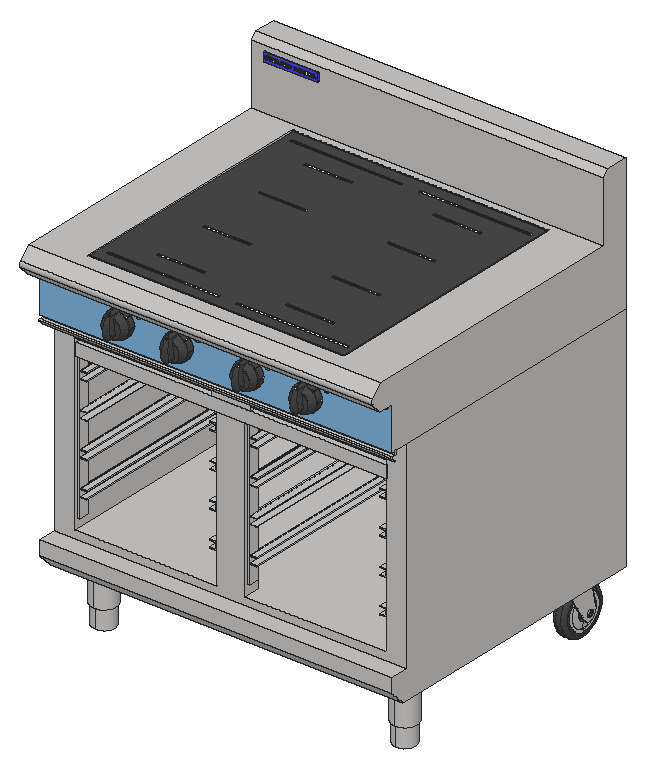
Revit family "QF_Moffat_IN514F-CB_Induction_Cooktop_cat", category Specialty Equipment, Revit 2019
Family settings
  Round Connector Dimension = Use Diameter
  Part Type = Normal
  Work Plane-Based = No
  Always vertical = Yes
  Cut with Voids When Loaded = No
  Shared = No
  Room Calculation Point = No
Parameters (values of type "IN514F-CB")
  Weight in Kilograms = 105
  Watts = 11620 W
  Volts = 415 V
  URL Cutsheet = ""
  Specification by User = ""
  Specification by Manufacturer = ""
  Show Logo [instance] = yes
  Show Legs [instance] = not(Show Castors)  # no
  Show Castors [instance] = yes
  Serial Number = ""
  Seismic Rating = ""
  SMACNA No = ""
  Revision Code = ""
  Phase = 3
  Number of Poles = 1
  NAFEM Spec ID Number = ""
  Model = "IN514F-CB"
  Min Ckt Ampacity = 0 A
  Max Overcurrent Protection = 0 A
  Masterspec = ""
  Manufacturer = "Moffat"
  Length = 900 mm
  Item Number = ""
  Installed By = ""
  Identify Quantity as Lot = yes
  Height = 1085 mm
  HP = ""
  Furnished By = ""
  Foodservice Equipment Identifier = yes
  FL Amps = 28 A
  Electrical Remarks = ""
  Electric Connection Type = ""
  Elec Conn RI Height = 0 mm
  Elec Conn Connection Height = 0 mm
  Description = "Induction Cooktop"
  Depth = 812.2 mm
  Cycle = 60 Hz
  Conn Plug = ""
  Conn Conduit = yes
  CSI MasterFormat = ""
  Apparent Power = if(Phase = 3, Volts * FL Amps * 1.73, Volts * FL Amps)  # 20102.6 VA
Reference planes
  plane 1 "BACK": y = 0
  plane 2: z = 0
  plane 3 "LEFT": x = 0
  plane 4 "RIGHT": x = 900
  plane 5 "FRONT": y = -812.2
  plane 6 "TOP": z = 1085
  plane 7 "Center Y": x = 450
  plane 8 "Center X": y = -406.1
  plane 9: x = 65.5
  plane 10: x = 834.5
  plane 11: y = -30
  plane 12: x = 770
  plane 13: z = 635
  plane 14: y = -100
  plane 15: y = -625
  plane 16: z = 150
Forms (mm)
  Extrusion 1, solid, material "QF_Metal_Stainless_Polished"
    sketch origin (0, 0, 560) x (0, 1, 0) y (0, 0, 1)
      loop
        line (0, 180) -> (0, 525) -> (-57, 525) -> (-70, 512) -> (-70, 354.5) -> (-784.171, 354.5) -> (-808.685, 329.985)
        arc (-808.685, 329.985) -> (-812.2, 321.5) -> (-808.685, 313.015) r 12
        line (-808.685, 313.015) -> (-785.171, 289.5) -> (-749, 289.5) -> (-749, 180) -> (0, 180)
    from 0 to 900
  Extrusion 2, void
    sketch origin (0, -784.171, 914.5) x (0, 1, 0) y (-1, 0, 0)
      loop
        arc (44.671, -118.5) -> (40.428, -120.257) -> (38.671, -124.5) r 6
        line (38.671, -124.5) -> (38.671, -770.5)
        arc (38.671, -770.5) -> (40.428, -774.743) -> (44.671, -776.5) r 6
        line (44.671, -776.5) -> (690.671, -776.5)
        arc (690.671, -776.5) -> (694.913, -774.743) -> (696.671, -770.5) r 6
        line (696.671, -770.5) -> (696.671, -124.5)
        arc (696.671, -124.5) -> (694.913, -120.257) -> (690.671, -118.5) r 6
        line (690.671, -118.5) -> (44.671, -118.5)
    from 0 to -9.5
  Extrusion 3, solid, material "QF_Plastic_White_Smooth"
    sketch origin (0, -784.171, 905) x (0, 1, 0) y (-1, 0, 0)
      loop
        line (657.271, -427.5) -> (663.271, -427.5) -> (663.271, -142.5) -> (657.271, -142.5) -> (657.271, -427.5)
      loop
        line (605.671, -225) -> (599.671, -225) -> (599.671, -345) -> (605.671, -345) -> (605.671, -225)
      loop
        line (459.171, -225) -> (453.171, -225) -> (453.171, -345) -> (459.171, -345) -> (459.171, -225)
      loop
        line (282.171, -225) -> (276.171, -225) -> (276.171, -345) -> (282.171, -345) -> (282.171, -225)
      loop
        line (135.671, -225) -> (129.671, -225) -> (129.671, -345) -> (135.671, -345) -> (135.671, -225)
      loop
        line (72.071, -142.5) -> (72.071, -427.5) -> (78.071, -427.5) -> (78.071, -142.5) -> (72.071, -142.5)
      loop
        line (72.071, -472.5) -> (72.071, -757.5) -> (78.071, -757.5) -> (78.071, -472.5) -> (72.071, -472.5)
      loop
        line (129.671, -675) -> (135.671, -675) -> (135.671, -555) -> (129.671, -555) -> (129.671, -675)
      loop
        line (276.171, -675) -> (282.171, -675) -> (282.171, -555) -> (276.171, -555) -> (276.171, -675)
      loop
        line (453.171, -675) -> (459.171, -675) -> (459.171, -555) -> (453.171, -555) -> (453.171, -675)
      loop
        line (599.671, -675) -> (605.671, -675) -> (605.671, -555) -> (599.671, -555) -> (599.671, -675)
      loop
        line (657.271, -757.5) -> (663.271, -757.5) -> (663.271, -472.5) -> (657.271, -472.5) -> (657.271, -757.5)
    from 0 to 9.5
  Extrusion 4, solid, material "QF_Plastic_Black_Smooth"
    sketch origin (0, -784.171, 914.5) x (0, 1, 0) y (-1, 0, 0)
      loop
        line (690.671, -122.5) -> (44.671, -122.5)
        arc (44.671, -122.5) -> (43.256, -123.086) -> (42.671, -124.5) r 2
        line (42.671, -124.5) -> (42.671, -770.5)
        arc (42.671, -770.5) -> (43.256, -771.914) -> (44.671, -772.5) r 2
        line (44.671, -772.5) -> (690.671, -772.5)
        arc (690.671, -772.5) -> (692.085, -771.914) -> (692.671, -770.5) r 2
        line (692.671, -770.5) -> (692.671, -124.5)
        arc (692.671, -124.5) -> (692.085, -123.086) -> (690.671, -122.5) r 2
      loop
        line (663.271, -142.5) -> (657.271, -142.5) -> (657.271, -427.5) -> (663.271, -427.5) -> (663.271, -142.5)
      loop
        line (605.671, -225) -> (599.671, -225) -> (599.671, -345) -> (605.671, -345) -> (605.671, -225)
      loop
        line (657.271, -472.5) -> (657.271, -757.5) -> (663.271, -757.5) -> (663.271, -472.5) -> (657.271, -472.5)
      loop
        line (599.671, -555) -> (599.671, -675) -> (605.671, -675) -> (605.671, -555) -> (599.671, -555)
      loop
        line (453.171, -675) -> (459.171, -675) -> (459.171, -555) -> (453.171, -555) -> (453.171, -675)
      loop
        line (453.171, -225) -> (453.171, -345) -> (459.171, -345) -> (459.171, -225) -> (453.171, -225)
      loop
        line (282.171, -345) -> (282.171, -225) -> (276.171, -225) -> (276.171, -345) -> (282.171, -345)
      loop
        line (276.171, -675) -> (282.171, -675) -> (282.171, -555) -> (276.171, -555) -> (276.171, -675)
      loop
        line (129.671, -225) -> (129.671, -345) -> (135.671, -345) -> (135.671, -225) -> (129.671, -225)
      loop
        line (78.071, -427.5) -> (78.071, -142.5) -> (72.071, -142.5) -> (72.071, -427.5) -> (78.071, -427.5)
      loop
        line (72.071, -472.5) -> (72.071, -757.5) -> (78.071, -757.5) -> (78.071, -472.5) -> (72.071, -472.5)
      loop
        line (135.671, -555) -> (129.671, -555) -> (129.671, -675) -> (135.671, -675) -> (135.671, -555)
    from 0 to -9.5
  Extrusion 5, solid, material "QF_Metal_Stainless_Polished"
    sketch origin (0, 0, 600) x (0, 1, 0) y (0, 0, 1)
      loop
        line (-737.8, 140) -> (-737.8, 130) -> (-747.305, 130)
        arc (-747.305, 130) -> (-750.276, 128.015) -> (-749.579, 124.511) r 3.215
        line (-749.579, 124.511) -> (-739.05, 113.982) -> (-737.919, 115.113) -> (-748.447, 125.642)
        arc (-748.447, 125.642) -> (-748.797, 127.403) -> (-747.305, 128.4) r 1.615
        line (-747.305, 128.4) -> (-736.2, 128.4) -> (-736.2, 140) -> (-737.8, 140)
    from 0 to 900
  Extrusion 6, solid, material "QF_Plastic_Black_Smooth"
    sketch origin (0, -749, 741.875) x (0, 0, 1) y (-1, 0, 0)
      loop
        circle (99.343, -13.157) r 5
      loop
        circle (99.343, -886.843) r 5
      loop
        circle (99.343, -210) r 5
      loop
        circle (99.343, -360) r 5
      loop
        circle (99.343, -540) r 5
      loop
        circle (99.343, -690) r 5
    from 0 to 1.6
  Extrusion 7, solid, material "QF_Metal_Stainless_Polished"
    sketch origin (0, -699, 640) x (0, 1, 0) y (1, 0, 0)
      loop
        circle (669, 770) r 6.35
    from 0 to 1.6
  Extrusion 8, solid, material "QF_Metal_Stainless_Polished"
    sketch origin (0, -699, 645) x (1, 0, 0) y (0, -1, 0)
      loop
        line (0, -699) -> (900, -699) -> (900, 0) -> (849.2, 0) -> (849.2, -25.4) -> (50.8, -25.4) -> (50.8, 0) -> (0, 0) -> (0, -699)
    from 5 to -95
  Revolve 9, solid, material "QF_Metal_Stainless_Polished"
    sketch origin (65.5, -4572, 255.2) x (0, 0, -1) y (0, -1, 0)
      loop
        line (255.2, -3974.5) -> (255.2, -3947) -> (105.2, -3947) -> (105.2, -3978.75) -> (205.2, -3978.75) -> (205.2, -3974.5) -> (255.2, -3974.5)
      axis (105.2, -3947) -> (255.2, -3947)
    angle from 0 to 360
  Revolve 10, solid, material "QF_Metal_Stainless_Polished"
    sketch origin (834.5, -4572, 255.2) x (0, 0, -1) y (0, 1, 0)
      loop
        line (255.2, 3974.5) -> (205.2, 3974.5) -> (205.2, 3978.75) -> (105.2, 3978.75) -> (105.2, 3947) -> (255.2, 3947) -> (255.2, 3974.5)
      axis (105.2, 3947) -> (255.2, 3947)
    angle from 0 to 360
  Extrusion 11, solid, material "QF_Metal_Stainless_Polished"
    sketch origin (0, 0, 0) x (0, 1, 0) y (0, 0, 1)
      loop
        line (-50.8, 150) -> (-50.8, 242.5) -> (-699, 242.5) -> (-699, 222.5) -> (-747.95, 222.5) -> (-747.95, 186) -> (-711.95, 150) -> (-50.8, 150)
    from 0 to 900
  Extrusion 12, solid, material "QF_Metal_Stainless_Polished"
    sketch origin (-6096, 120, 150) x (0, 1, 0) y (-1, 0, 0)
      loop
        line (-120, -6096) -> (-819, -6096) -> (-819, -6146.8) -> (-170.8, -6146.8) -> (-170.8, -6510.5) -> (-196.2, -6510.5) -> (-196.2, -6581.5) -> (-170.8, -6581.5) -> (-170.8, -6945.2) -> (-819, -6945.2) -> (-819, -6996) -> (-120, -6996) -> (-120, -6096)
      loop
        line (-778.9, -6510.5) -> (-819, -6510.5) -> (-819, -6581.5) -> (-778.9, -6581.5) -> (-778.9, -6510.5)
    from 0 to 490
  Extrusion 13, solid, material "QF_Metal_Stainless_Polished"
    sketch origin (50.8, -50.8, 460) x (0, 0, 1) y (1, 0, 0)
      loop
        line (127.5, 25.4) -> (127.5, 6.4) -> (147.5, 6.4) -> (147.5, 25.4) -> (145.9, 25.4) -> (145.9, 8) -> (129.1, 8) -> (129.1, 25.4) -> (127.5, 25.4)
      loop
        line (37.5, 25.4) -> (37.5, 6.4) -> (57.5, 6.4) -> (57.5, 25.4) -> (55.9, 25.4) -> (55.9, 8) -> (39.1, 8) -> (39.1, 25.4) -> (37.5, 25.4)
      loop
        line (-52.5, 25.4) -> (-52.5, 6.4) -> (-32.5, 6.4) -> (-32.5, 25.4) -> (-34.1, 25.4) -> (-34.1, 8) -> (-50.9, 8) -> (-50.9, 25.4) -> (-52.5, 25.4)
      loop
        line (-142.5, 25.4) -> (-142.5, 6.4) -> (-122.5, 6.4) -> (-122.5, 25.4) -> (-124.1, 25.4) -> (-124.1, 8) -> (-140.9, 8) -> (-140.9, 25.4) -> (-142.5, 25.4)
    from 0 to -641.85
  Extrusion 14, solid, material "QF_Metal_Stainless_Polished"
    sketch origin (50.8, 44.437, 150) x (0, 1, 0) y (0, 0, 1)
      loop
        line (-95.237, 488.4) -> (-120.637, 488.4) -> (-120.637, 117.5) -> (-95.237, 117.5) -> (-95.237, 488.4)
      loop
        line (-709.687, 117.5) -> (-709.687, 490) -> (-737.087, 490) -> (-737.087, 117.5) -> (-709.687, 117.5)
    from 0 to 6.4
  Extrusion 15, solid, material "QF_Metal_Stainless_Polished"
    sketch origin (66.1, -50.8, 460) x (0, 0, 1) y (1, 0, 0)
      loop
        line (127.5, 323) -> (129.1, 323) -> (129.1, 340.4) -> (145.9, 340.4) -> (145.9, 323) -> (147.5, 323) -> (147.5, 342) -> (127.5, 342) -> (127.5, 323)
      loop
        line (37.5, 323) -> (39.1, 323) -> (39.1, 340.4) -> (55.9, 340.4) -> (55.9, 323) -> (57.5, 323) -> (57.5, 342) -> (37.5, 342) -> (37.5, 323)
      loop
        line (-52.5, 323) -> (-50.9, 323) -> (-50.9, 340.4) -> (-34.1, 340.4) -> (-34.1, 323) -> (-32.5, 323) -> (-32.5, 342) -> (-52.5, 342) -> (-52.5, 323)
      loop
        line (-142.5, 323) -> (-140.9, 323) -> (-140.9, 340.4) -> (-124.1, 340.4) -> (-124.1, 323) -> (-122.5, 323) -> (-122.5, 342) -> (-142.5, 342) -> (-142.5, 323)
    from 0 to -641.85
  Extrusion 16, solid, material "QF_Metal_Stainless_Polished"
    sketch origin (414.5, 44.437, 150) x (0, 1, 0) y (0, 0, -1)
      loop
        line (-95.237, -488.4) -> (-95.237, -117.5) -> (-120.637, -117.5) -> (-120.637, -488.4) -> (-95.237, -488.4)
      loop
        line (-709.687, -117.5) -> (-737.087, -117.5) -> (-737.087, -490) -> (-709.687, -490) -> (-709.687, -117.5)
    from 0 to 6.4
  Revolve 17, solid, material "QF_Metal_Stainless_Polished", visible <- "Show Legs"
    sketch origin (65.5, -4047, 255.2) x (0, 0, -1) y (0, -1, 0)
      loop
        line (255.2, -3974.5) -> (255.2, -3947) -> (105.2, -3947) -> (105.2, -3978.75) -> (205.2, -3978.75) -> (205.2, -3974.5) -> (255.2, -3974.5)
      axis (105.2, -3947) -> (255.2, -3947)
    angle from 0 to 360
  Revolve 18, solid, material "QF_Metal_Stainless_Polished", visible <- "Show Legs"
    sketch origin (834.5, -4047, 255.2) x (0, 0, -1) y (0, 1, 0)
      loop
        line (255.2, 3974.5) -> (205.2, 3974.5) -> (205.2, 3978.75) -> (105.2, 3978.75) -> (105.2, 3947) -> (255.2, 3947) -> (255.2, 3974.5)
      axis (105.2, 3947) -> (255.2, 3947)
    angle from 0 to 360
  Extrusion 19, solid, material "QF_Paint_Green"
    sketch origin (-27.5, -749, 742.2) x (0, 0, 1) y (-1, 0, 0)
      loop
        circle (84.8, -282.5) r 7.15
    from 0 to 1.6
  Extrusion 20, solid, material "QF_Metal_Stainless_Polished"
    sketch origin (849.2, -673.6, 645) x (-1, 0, 0) y (0, 0, -1)
      loop
        line (0, -27.7) -> (798.4, -27.7) -> (798.4, 5) -> (0, 5) -> (0, -27.7)
      loop
        line (450, -61.4) -> (798.4, -61.4) -> (798.4, -37.7) -> (450, -37.7) -> (450, -61.4)
      loop
        line (798.4, -62.4) -> (0, -62.4) -> (0, -95) -> (798.4, -95) -> (798.4, -62.4)
      loop
        line (348.4, -61.4) -> (348.4, -37.7) -> (0, -37.7) -> (0, -61.4) -> (348.4, -61.4)
    from 0 to 25.4
  Extrusion 21, solid, material "QF_Metal_Stainless_Polished"
    sketch origin (849.2, -673.6, 645) x (1, 0, 0) y (0, 0, -1)
      loop
        line (-348.4, -62.4) -> (-348.4, -27.7) -> (-450, -27.7) -> (-450, -62.4) -> (-348.4, -62.4)
    from 0 to -25.4
  Extrusion 22, solid, material "QF_Metal_Stainless_Polished"
    sketch origin (833.9, -50.8, 460) x (0, 0, 1) y (1, 0, 0)
      loop
        line (127.5, -323) -> (127.5, -342) -> (147.5, -342) -> (147.5, -323) -> (145.9, -323) -> (145.9, -340.4) -> (129.1, -340.4) -> (129.1, -323) -> (127.5, -323)
      loop
        line (37.5, -323) -> (37.5, -342) -> (57.5, -342) -> (57.5, -323) -> (55.9, -323) -> (55.9, -340.4) -> (39.1, -340.4) -> (39.1, -323) -> (37.5, -323)
      loop
        line (-52.5, -323) -> (-52.5, -342) -> (-32.5, -342) -> (-32.5, -323) -> (-34.1, -323) -> (-34.1, -340.4) -> (-50.9, -340.4) -> (-50.9, -323) -> (-52.5, -323)
      loop
        line (-142.5, -323) -> (-142.5, -342) -> (-122.5, -342) -> (-122.5, -323) -> (-124.1, -323) -> (-124.1, -340.4) -> (-140.9, -340.4) -> (-140.9, -323) -> (-142.5, -323)
    from 0 to -641.85
  Extrusion 23, solid, material "QF_Metal_Stainless_Polished"
    sketch origin (485.5, 44.437, 150) x (0, 1, 0) y (0, 0, 1)
      loop
        line (-95.237, 488.4) -> (-120.637, 488.4) -> (-120.637, 117.5) -> (-95.237, 117.5) -> (-95.237, 488.4)
      loop
        line (-709.687, 117.5) -> (-709.687, 490) -> (-737.087, 490) -> (-737.087, 117.5) -> (-709.687, 117.5)
    from 0 to 6.4
  Extrusion 24, solid, material "QF_Metal_Stainless_Polished"
    sketch origin (849.2, -50.8, 460) x (0, 0, 1) y (1, 0, 0)
      loop
        line (127.5, -25.4) -> (129.1, -25.4) -> (129.1, -8) -> (145.9, -8) -> (145.9, -25.4) -> (147.5, -25.4) -> (147.5, -6.4) -> (127.5, -6.4) -> (127.5, -25.4)
      loop
        line (37.5, -25.4) -> (39.1, -25.4) -> (39.1, -8) -> (55.9, -8) -> (55.9, -25.4) -> (57.5, -25.4) -> (57.5, -6.4) -> (37.5, -6.4) -> (37.5, -25.4)
      loop
        line (-52.5, -25.4) -> (-50.9, -25.4) -> (-50.9, -8) -> (-34.1, -8) -> (-34.1, -25.4) -> (-32.5, -25.4) -> (-32.5, -6.4) -> (-52.5, -6.4) -> (-52.5, -25.4)
      loop
        line (-142.5, -25.4) -> (-140.9, -25.4) -> (-140.9, -8) -> (-124.1, -8) -> (-124.1, -25.4) -> (-122.5, -25.4) -> (-122.5, -6.4) -> (-142.5, -6.4) -> (-142.5, -25.4)
    from 0 to -641.85
  Extrusion 25, solid, material "QF_Metal_Stainless_Polished"
    sketch origin (849.2, 44.437, 150) x (0, 1, 0) y (0, 0, -1)
      loop
        line (-95.237, -488.4) -> (-95.237, -117.5) -> (-120.637, -117.5) -> (-120.637, -488.4) -> (-95.237, -488.4)
      loop
        line (-709.687, -117.5) -> (-737.087, -117.5) -> (-737.087, -490) -> (-709.687, -490) -> (-709.687, -117.5)
    from 0 to 6.4
  Extrusion 26, solid, material "QF_Paint_Green"
    sketch origin (122.5, -749, 742.2) x (0, 0, 1) y (-1, 0, 0)
      loop
        circle (84.8, -282.5) r 7.15
    from 0 to 1.6
  Extrusion 27, solid, material "QF_Paint_Green"
    sketch origin (302.5, -749, 742.2) x (0, 0, 1) y (-1, 0, 0)
      loop
        circle (84.8, -282.5) r 7.15
    from 0 to 1.6
  Extrusion 28, solid, material "QF_Paint_Green"
    sketch origin (452.5, -749, 742.2) x (0, 0, 1) y (-1, 0, 0)
      loop
        circle (84.8, -282.5) r 7.15
    from 0 to 1.6
Cuts and joins
  Extrusion 2 cuts Extrusion 1
  joined: Revolve 9, Revolve 10
  joined: Extrusion 8, Extrusion 11, Extrusion 12
Lines and regions (mm)
  symbolic lines
    curve 1: line (0, 0, 0) -> (900, 0, 0)
    curve 2: line (0, -812.2, 0) -> (0, 0, 0)
    curve 3: line (900, -812.2, 0) -> (0, -812.2, 0)
    curve 4: line (900, 0, 0) -> (900, -812.2, 0)
    curve 5: line (0, -57, 0) -> (900, -57, 0)
    curve 6: line (0, -70, 0) -> (900, -70, 0)
    curve 7: line (124.5, -87.5, 0) -> (770.5, -87.5, 0)
    curve 8: arc (770.5, -87.5, 0) -> (774.743, -89.257, 0) -> (776.5, -93.5, 0) r 6
    curve 9: line (776.5, -93.5, 0) -> (776.5, -739.5, 0)
    curve 10: arc (776.5, -739.5, 0) -> (774.743, -743.743, 0) -> (770.5, -745.5, 0) r 6
    curve 11: line (770.5, -745.5, 0) -> (124.5, -745.5, 0)
    curve 12: arc (124.5, -745.5, 0) -> (120.257, -743.743, 0) -> (118.5, -739.5, 0) r 6
    curve 13: line (118.5, -739.5, 0) -> (118.5, -93.5, 0)
    curve 14: arc (118.5, -93.5, 0) -> (120.257, -89.257, 0) -> (124.5, -87.5, 0) r 6
    curve 15: line (770.5, -91.5, 0) -> (124.5, -91.5, 0)
    curve 16: arc (124.5, -91.5, 0) -> (123.086, -92.086, 0) -> (122.5, -93.5, 0) r 2
    curve 17: line (122.5, -93.5, 0) -> (122.5, -739.5, 0)
    curve 18: arc (122.5, -739.5, 0) -> (123.086, -740.914, 0) -> (124.5, -741.5, 0) r 2
    curve 19: line (124.5, -741.5, 0) -> (770.5, -741.5, 0)
    curve 20: arc (770.5, -741.5, 0) -> (771.914, -740.914, 0) -> (772.5, -739.5, 0) r 2
    curve 21: line (772.5, -739.5, 0) -> (772.5, -93.5, 0)
    curve 22: arc (772.5, -93.5, 0) -> (771.914, -92.086, 0) -> (770.5, -91.5, 0) r 2
    curve 23: line (427.5, -126.9, 0) -> (142.5, -126.9, 0)
    curve 24: line (142.5, -126.9, 0) -> (142.5, -120.9, 0)
    curve 25: line (142.5, -120.9, 0) -> (427.5, -120.9, 0)
    curve 26: line (427.5, -120.9, 0) -> (427.5, -126.9, 0)
    curve 27: line (345, -184.5, 0) -> (225, -184.5, 0)
    curve 28: line (225, -184.5, 0) -> (225, -178.5, 0)
    curve 29: line (225, -178.5, 0) -> (345, -178.5, 0)
    curve 30: line (345, -178.5, 0) -> (345, -184.5, 0)
    curve 31: line (345, -331, 0) -> (225, -331, 0)
    curve 32: line (225, -331, 0) -> (225, -325, 0)
    curve 33: line (225, -325, 0) -> (345, -325, 0)
    curve 34: line (345, -325, 0) -> (345, -331, 0)
    curve 35: line (345, -508, 0) -> (225, -508, 0)
    curve 36: line (225, -508, 0) -> (225, -502, 0)
    curve 37: line (225, -502, 0) -> (345, -502, 0)
    curve 38: line (345, -502, 0) -> (345, -508, 0)
    curve 39: line (345, -654.5, 0) -> (225, -654.5, 0)
    curve 40: line (225, -654.5, 0) -> (225, -648.5, 0)
    curve 41: line (225, -648.5, 0) -> (345, -648.5, 0)
    curve 42: line (345, -648.5, 0) -> (345, -654.5, 0)
    curve 43: line (142.5, -706.1, 0) -> (427.5, -706.1, 0)
    curve 44: line (427.5, -706.1, 0) -> (427.5, -712.1, 0)
    curve 45: line (427.5, -712.1, 0) -> (142.5, -712.1, 0)
    curve 46: line (142.5, -712.1, 0) -> (142.5, -706.1, 0)
    curve 47: line (472.5, -706.1, 0) -> (757.5, -706.1, 0)
    curve 48: line (757.5, -706.1, 0) -> (757.5, -712.1, 0)
    curve 49: line (757.5, -712.1, 0) -> (472.5, -712.1, 0)
    curve 50: line (472.5, -712.1, 0) -> (472.5, -706.1, 0)
    curve 51: line (675, -654.5, 0) -> (555, -654.5, 0)
    curve 52: line (555, -648.5, 0) -> (675, -648.5, 0)
    curve 53: line (675, -648.5, 0) -> (675, -654.5, 0)
    curve 54: line (555, -654.5, 0) -> (555, -648.5, 0)
    curve 55: line (675, -508, 0) -> (555, -508, 0)
    curve 56: line (555, -508, 0) -> (555, -502, 0)
    curve 57: line (555, -502, 0) -> (675, -502, 0)
    curve 58: line (675, -502, 0) -> (675, -508, 0)
    curve 59: line (555, -325, 0) -> (675, -325, 0)
    curve 60: line (675, -325, 0) -> (675, -331, 0)
    curve 61: line (675, -331, 0) -> (555, -331, 0)
    curve 62: line (555, -331, 0) -> (555, -325, 0)
    curve 63: line (555, -178.5, 0) -> (675, -178.5, 0)
    curve 64: line (675, -178.5, 0) -> (675, -184.5, 0)
    curve 65: line (675, -184.5, 0) -> (555, -184.5, 0)
    curve 66: line (555, -184.5, 0) -> (555, -178.5, 0)
    curve 67: line (757.5, -126.9, 0) -> (472.5, -126.9, 0)
    curve 68: line (472.5, -126.9, 0) -> (472.5, -120.9, 0)
    curve 69: line (472.5, -120.9, 0) -> (757.5, -120.9, 0)
    curve 70: line (757.5, -120.9, 0) -> (757.5, -126.9, 0)
    curve 71: line (0, -784.171, 0) -> (900, -784.171, 0)
Dimensions and locks
  equal spacing: plane 3 "LEFT", plane 7 "Center Y", plane 4 "RIGHT"
  "Length": plane 3 "LEFT" to plane 4 "RIGHT"
  equal spacing: plane 5 "FRONT", plane 8 "Center X", plane 1 "BACK"
  "Depth": plane 5 "FRONT" to plane 1 "BACK"
  "Height": plane 6 "TOP" to level
  plane 9 to plane 10 = 769 mm
  plane 4 "RIGHT" to plane 3 "LEFT" = 900 mm
  plane 1 "BACK" to cut or joined group of Extrusion 1, Extrusion 2 = 70 mm
  plane 1 "BACK" to plane 5 "FRONT" = 812.2 mm
  plane 6 "TOP" to plane 2 = 1085 mm
  cut or joined group of Extrusion 1, Extrusion 2 to plane 2 = 914.5 mm
  locked: plane 12 to plane 4 "RIGHT" at 130
  plane 1 "BACK" to plane 11 = 30 mm
  plane 1 "BACK" to plane 14 to plane 15 = 100 mm, 525 mm
  plane 2 to plane 13 = 635 mm
  plane 16 to plane 2 = 150 mm
  aligned and locked: level to plane 2
Automatic sketch dimensions
  Extrusion 1 sketch curve to plane 6 "TOP" = 0 mm
  Extrusion 1 sketch curve to plane 1 "BACK" = 0 mm
  plane 11 to Extrusion 1 sketch curve = 27 mm
  Extrusion 1 sketch curve to plane 6 "TOP" = 13 mm
  Extrusion 1 sketch curve to Extrusion 1 sketch curve = 13 mm
  Extrusion 1 sketch curve to plane 5 "FRONT" = 63.2 mm
  Extrusion 1 sketch curve to plane 5 "FRONT" = 28.029 mm
  Extrusion 1 sketch curve to plane 5 "FRONT" = 27.029 mm
  Extrusion 1 sketch curve to plane 5 "FRONT" = 12 mm
  Extrusion 1 sketch curve to plane 5 "FRONT" = 3.515 mm  (x2)
  Extrusion 1 sketch curve to plane 6 "TOP" = 170.5 mm
  Extrusion 1 sketch curve to Extrusion 1 sketch curve = 24.515 mm
  Extrusion 1 sketch curve to Extrusion 1 sketch curve = 8.485 mm
  Extrusion 1 sketch curve to Extrusion 1 sketch curve = 32 mm
  Extrusion 1 sketch curve to plane 13 = 105 mm
  Extrusion 2 sketch curve to Extrusion 1 = 38.671 mm
  Extrusion 2 sketch curve to Extrusion 2 sketch curve = 6 mm  (x3)
  Extrusion 1 to Extrusion 2 sketch curve = 23.5 mm  (x2)
  Extrusion 1 to Extrusion 2 sketch curve = 123.5 mm
  Extrusion 1 to Extrusion 2 sketch curve = 124.5 mm
  Extrusion 3 sketch curve to Extrusion 2 = 33.4 mm  (x2)
  Extrusion 3 sketch curve to Extrusion 3 sketch curve = 6 mm  (x12)
  Extrusion 3 sketch curve to Extrusion 2 = 91 mm  (x2)
  Extrusion 3 sketch curve to Extrusion 3 sketch curve = 140.5 mm  (x2)
  Extrusion 3 sketch curve to Extrusion 3 sketch curve = 171 mm  (x2)
  Extrusion 3 sketch curve to Extrusion 2 = 97 mm  (x2)
  Extrusion 3 sketch curve to Extrusion 2 = 39.4 mm  (x2)
  Extrusion 3 sketch curve to Extrusion 2 = 19 mm  (x2)
  Extrusion 3 sketch curve to Extrusion 3 sketch curve = 82.5 mm  (x6)
  Extrusion 3 sketch curve to Extrusion 2 = 101.5 mm  (x2)
  Extrusion 3 sketch curve to Extrusion 3 sketch curve = 120 mm  (x4)
  Extrusion 3 sketch curve to Extrusion 3 sketch curve = 45 mm  (x2)
  Extrusion 3 sketch curve to Extrusion 3 sketch curve = 0 mm  (x2)
  Extrusion 3 sketch curve to Extrusion 2 = 106.5 mm  (x4)
  Extrusion 3 sketch curve to Extrusion 2 = 24 mm  (x2)
  Extrusion 4 sketch curve to Extrusion 1 = 42.671 mm
  Extrusion 4 sketch curve to Extrusion 4 sketch curve = 2 mm  (x3)
  Extrusion 4 sketch curve to Extrusion 4 sketch curve = 27.4 mm  (x2)
  Extrusion 4 sketch curve to Extrusion 4 sketch curve = 6 mm  (x12)
  Extrusion 4 sketch curve to Extrusion 4 sketch curve = 51.6 mm  (x2)
  Extrusion 4 sketch curve to Extrusion 4 sketch curve = 140.5 mm  (x2)
  Extrusion 4 sketch curve to Extrusion 4 sketch curve = 171 mm  (x2)
  Extrusion 1 to Extrusion 4 sketch curve = 114.5 mm  (x2)
  Extrusion 1 to Extrusion 4 sketch curve = 56.9 mm
  Extrusion 4 sketch curve to Extrusion 4 sketch curve = 0 mm  (x4)
  Extrusion 1 to Extrusion 4 sketch curve = 23.5 mm  (x2)
  Extrusion 1 to Extrusion 4 sketch curve = 127.5 mm
  Extrusion 4 sketch curve to Extrusion 4 sketch curve = 13 mm  (x2)
  Extrusion 4 sketch curve to Extrusion 4 sketch curve = 82.5 mm  (x8)
  Extrusion 4 sketch curve to Extrusion 4 sketch curve = 120 mm  (x8)
  Extrusion 4 sketch curve to Extrusion 4 sketch curve = 45 mm  (x2)
  Extrusion 4 sketch curve to Extrusion 4 sketch curve = 210 mm
  Extrusion 4 sketch curve to Extrusion 4 sketch curve = 18 mm
  Extrusion 5 sketch curve to Extrusion 5 sketch curve = 0 mm  (x2)
  Extrusion 5 sketch curve to plane 5 "FRONT" = 62.621 mm
  Extrusion 5 sketch curve to Extrusion 5 sketch curve = 1.131 mm  (x3)
  Extrusion 5 sketch curve to Extrusion 5 sketch curve = 1.142 mm  (x2)
  Extrusion 5 sketch curve to Extrusion 5 sketch curve = 10.529 mm
  Extrusion 5 sketch curve to Extrusion 5 sketch curve = 9.505 mm
  Extrusion 5 sketch curve to Extrusion 5 sketch curve = 1.6 mm
  Extrusion 5 sketch curve to plane 13 = 78.982 mm
  Extrusion 5 sketch curve to Extrusion 5 sketch curve = 10 mm
  Extrusion 8 to Extrusion 7 sketch curve = 30 mm
  Extrusion 7 sketch curve to Extrusion 8 = 79.2 mm
  plane 1 "BACK" to Extrusion 8 sketch curve = 0 mm
  Extrusion 8 sketch curve to plane 3 "LEFT" = 0 mm
  Extrusion 8 sketch curve to plane 4 "RIGHT" = 0 mm
  plane 9 to Extrusion 8 sketch curve = 14.7 mm
  Extrusion 8 sketch curve to plane 10 = 14.7 mm
  plane 15 to Extrusion 8 sketch curve = 48.6 mm
  Extrusion 8 sketch curve to Extrusion 8 sketch curve = 25.4 mm  (x2)
  Revolve 9 sketch curve to plane 15 = 0 mm  (x2)
  Revolve 9 sketch curve to plane 16 = 0 mm
  Revolve 9 sketch curve to level = 0 mm  (x2)
  level to Revolve 9 sketch curve = 50 mm
  Revolve 9 sketch curve to Revolve 9 sketch curve = 27.5 mm
  Revolve 9 sketch curve to Revolve 9 sketch curve = 31.75 mm
  Revolve 9 sketch curve to Revolve 9 sketch curve = 25 mm
  Revolve 10 sketch curve to plane 15 = 0 mm  (x2)
  Revolve 10 sketch curve to plane 16 = 0 mm
  Revolve 10 sketch curve to level = 0 mm  (x2)
  level to Revolve 10 sketch curve = 50 mm
  Revolve 10 sketch curve to plane 15 = 27.5 mm
  Revolve 10 sketch curve to Revolve 10 sketch curve = 4.25 mm
  Revolve 10 sketch curve to Revolve 10 sketch curve = 25 mm
  Extrusion 11 sketch curve to plane 16 = 0 mm
  Extrusion 11 sketch curve to plane 5 "FRONT" = 64.25 mm
  Extrusion 11 sketch curve to Extrusion 11 sketch curve = 36 mm
  Extrusion 11 sketch curve to Extrusion 11 sketch curve = 48.95 mm
  plane 11 to Extrusion 11 sketch curve = 20.8 mm
  plane 16 to Extrusion 11 sketch curve = 36 mm
  Extrusion 11 sketch curve to Extrusion 11 sketch curve = 36.5 mm
  plane 16 to Extrusion 11 sketch curve = 92.5 mm
  Extrusion 12 sketch curve to plane 3 "LEFT" = 0 mm
  Extrusion 12 sketch curve to plane 4 "RIGHT" = 0 mm
  plane 1 "BACK" to Extrusion 12 sketch curve = 0 mm
  plane 11 to Extrusion 12 sketch curve = 20.8 mm  (x2)
  Extrusion 12 sketch curve to plane 14 = 23.8 mm
  plane 15 to Extrusion 12 sketch curve = 33.9 mm
  Extrusion 12 sketch curve to Extrusion 12 sketch curve = 40.1 mm
  Extrusion 12 sketch curve to plane 10 = 14.7 mm
  plane 15 to Extrusion 12 sketch curve = 74 mm  (x2)
  plane 9 to Extrusion 12 sketch curve = 14.7 mm
  plane 7 "Center Y" to Extrusion 12 sketch curve = 35.5 mm  (x2)
  Extrusion 12 sketch curve to plane 7 "Center Y" = 35.5 mm  (x2)
  Extrusion 14 to Extrusion 13 sketch curve = 0 mm  (x4)
  Extrusion 13 sketch curve to Extrusion 14 = 19 mm  (x4)
  Extrusion 14 to Extrusion 13 sketch curve = 50 mm
  Extrusion 13 sketch curve to Extrusion 13 sketch curve = 1.6 mm  (x8)
  Extrusion 13 sketch curve to Extrusion 14 = 1.6 mm  (x4)
  Extrusion 13 sketch curve to Extrusion 13 sketch curve = 16.8 mm  (x4)
  Extrusion 13 sketch curve to Extrusion 13 sketch curve = 70 mm  (x2)
  Extrusion 13 sketch curve to Extrusion 14 = 50.9 mm
  Extrusion 13 sketch curve to Extrusion 13 sketch curve = 17.4 mm  (x3)
  Extrusion 13 sketch curve to Extrusion 13 sketch curve = 0 mm
  Extrusion 12 to Extrusion 14 sketch curve = 0 mm
  Extrusion 14 sketch curve to Extrusion 12 = 0 mm
  Extrusion 14 sketch curve to Extrusion 12 = 25.4 mm
  Extrusion 12 to Extrusion 14 sketch curve = 33.75 mm
  Extrusion 12 to Extrusion 14 sketch curve = 6.35 mm
  Extrusion 12 to Extrusion 14 sketch curve = 1.6 mm
  Extrusion 12 to Extrusion 14 sketch curve = 117.5 mm  (x2)
  Extrusion 14 to Extrusion 15 sketch curve = 50 mm
  Extrusion 15 sketch curve to Extrusion 15 sketch curve = 1.6 mm  (x12)
  Extrusion 15 sketch curve to Extrusion 15 sketch curve = 16.8 mm  (x4)
  Extrusion 15 sketch curve to Extrusion 15 sketch curve = 70 mm  (x2)
  Extrusion 15 sketch curve to Extrusion 14 = 50.9 mm
  Extrusion 15 sketch curve to Extrusion 14 = 331.9 mm
  Extrusion 15 sketch curve to Extrusion 15 sketch curve = 0 mm  (x7)
  Extrusion 15 sketch curve to Extrusion 15 sketch curve = 17.4 mm  (x4)
  plane 15 to Extrusion 16 sketch curve = 67.65 mm
  Extrusion 16 sketch curve to plane 13 = 5 mm
  Extrusion 16 sketch curve to Extrusion 16 sketch curve = 27.4 mm
  Extrusion 16 sketch curve to plane 13 = 3.4 mm
  Extrusion 16 sketch curve to plane 14 = 23.8 mm
  plane 11 to Extrusion 16 sketch curve = 20.8 mm
  plane 16 to Extrusion 16 sketch curve = 117.5 mm  (x2)
  Revolve 17 sketch curve to plane 14 = 0 mm  (x2)
  Revolve 17 sketch curve to plane 16 = 0 mm
  Revolve 17 sketch curve to level = 0 mm  (x2)
  level to Revolve 17 sketch curve = 50 mm
  Revolve 17 sketch curve to Revolve 17 sketch curve = 27.5 mm
  Revolve 17 sketch curve to Revolve 17 sketch curve = 31.75 mm
  Revolve 17 sketch curve to Revolve 17 sketch curve = 25 mm
  Revolve 18 sketch curve to plane 14 = 0 mm  (x2)
  Revolve 18 sketch curve to plane 16 = 0 mm
  Revolve 18 sketch curve to level = 0 mm  (x2)
  level to Revolve 18 sketch curve = 50 mm
  Revolve 18 sketch curve to plane 14 = 27.5 mm
  Revolve 18 sketch curve to Revolve 18 sketch curve = 4.25 mm
  Revolve 18 sketch curve to Revolve 18 sketch curve = 25 mm
  Extrusion 1 to Extrusion 19 sketch curve = 22.5 mm
  Extrusion 1 to Extrusion 19 sketch curve = 255 mm
  Extrusion 20 sketch curve to Extrusion 8 = 0 mm  (x8)
  Extrusion 8 to Extrusion 20 sketch curve = 42.7 mm
  Extrusion 20 sketch curve to Extrusion 8 = 348.4 mm
  Extrusion 8 to Extrusion 20 sketch curve = 33.6 mm
  Extrusion 20 sketch curve to Extrusion 20 sketch curve = 101.6 mm
  Extrusion 20 sketch curve to Extrusion 20 sketch curve = 1 mm  (x2)
  Extrusion 20 sketch curve to Extrusion 20 sketch curve = 23.7 mm
  Extrusion 20 sketch curve to Extrusion 20 sketch curve = 10 mm
  Extrusion 20 to Extrusion 21 sketch curve = 0 mm
  Extrusion 21 sketch curve to Extrusion 20 = 0 mm  (x3)
  Extrusion 14 to Extrusion 22 sketch curve = 50 mm
  Extrusion 22 sketch curve to Extrusion 22 sketch curve = 1.6 mm  (x12)
  Extrusion 22 sketch curve to Extrusion 22 sketch curve = 16.8 mm  (x4)
  Extrusion 22 sketch curve to Extrusion 22 sketch curve = 70 mm  (x2)
  Extrusion 22 sketch curve to Extrusion 14 = 50.9 mm
  Extrusion 22 sketch curve to Extrusion 14 = 434.7 mm
  Extrusion 22 sketch curve to Extrusion 22 sketch curve = 0 mm  (x4)
  Extrusion 22 sketch curve to Extrusion 22 sketch curve = 17.4 mm  (x7)
  plane 15 to Extrusion 23 sketch curve = 67.65 mm
  Extrusion 23 sketch curve to plane 13 = 5 mm
  Extrusion 23 sketch curve to Extrusion 23 sketch curve = 27.4 mm
  Extrusion 23 sketch curve to plane 13 = 3.4 mm
  Extrusion 23 sketch curve to plane 14 = 23.8 mm
  plane 11 to Extrusion 23 sketch curve = 20.8 mm
  plane 16 to Extrusion 23 sketch curve = 117.5 mm  (x2)
  Extrusion 24 sketch curve to Extrusion 25 = 0 mm  (x4)
  Extrusion 24 sketch curve to Extrusion 25 = 19 mm  (x4)
  Extrusion 25 to Extrusion 24 sketch curve = 50 mm
  Extrusion 24 sketch curve to Extrusion 24 sketch curve = 1.6 mm  (x8)
  Extrusion 24 sketch curve to Extrusion 25 = 1.6 mm  (x4)
  Extrusion 24 sketch curve to Extrusion 24 sketch curve = 16.8 mm  (x4)
  Extrusion 24 sketch curve to Extrusion 24 sketch curve = 70 mm  (x2)
  Extrusion 24 sketch curve to Extrusion 25 = 50.9 mm
  Extrusion 24 sketch curve to Extrusion 24 sketch curve = 0 mm  (x2)
  Extrusion 24 sketch curve to Extrusion 24 sketch curve = 17.4 mm  (x2)
  plane 15 to Extrusion 25 sketch curve = 67.65 mm
  Extrusion 25 sketch curve to plane 13 = 5 mm
  Extrusion 25 sketch curve to Extrusion 25 sketch curve = 27.4 mm
  Extrusion 25 sketch curve to plane 13 = 3.4 mm
  Extrusion 25 sketch curve to plane 14 = 23.8 mm
  plane 11 to Extrusion 25 sketch curve = 20.8 mm
  plane 16 to Extrusion 25 sketch curve = 117.5 mm  (x2)
  Extrusion 1 to Extrusion 26 sketch curve = 22.5 mm
  Extrusion 1 to Extrusion 26 sketch curve = 405 mm
  Extrusion 1 to Extrusion 27 sketch curve = 22.5 mm
  Extrusion 1 to Extrusion 27 sketch curve = 315 mm
  Extrusion 1 to Extrusion 28 sketch curve = 22.5 mm
  Extrusion 1 to Extrusion 28 sketch curve = 165 mm
  curve 3 to plane 3 "LEFT" = 0 mm
  curve 3 to plane 4 "RIGHT" = 0 mm
  plane 5 "FRONT" to curve 3 = 0 mm
  plane 1 "BACK" to curve 2 = 0 mm
  plane 11 to curve 5 = 27 mm
  curve 6 to curve 5 = 13 mm
  curve 13 to plane 9 = 53 mm
  curve 13 to curve 14 = 6 mm
  curve 12 to curve 12 = 6 mm
  curve 7 to plane 12 = 0.5 mm
  curve 10 to plane 12 = 0.5 mm
  curve 10 to curve 9 = 6 mm
  curve 11 to plane 5 "FRONT" = 66.7 mm
  curve 9 to plane 14 = 6.5 mm
  curve 8 to curve 22 = 0 mm  (x2)
  curve 10 to curve 20 = 0 mm  (x2)
  curve 12 to curve 18 = 0 mm  (x2)
  curve 14 to curve 16 = 0 mm
  curve 17 to curve 14 = 2 mm
  curve 14 to curve 23 = 18 mm
  curve 25 to plane 7 "Center Y" = 22.5 mm
  plane 14 to curve 23 = 26.9 mm
  curve 23 to curve 26 = 6 mm
  curve 23 to curve 29 = 82.5 mm
  curve 27 to curve 23 = 82.5 mm
  plane 14 to curve 28 = 84.5 mm
  curve 27 to curve 30 = 6 mm
  curve 32 to curve 27 = 0 mm
  curve 31 to plane 7 "Center Y" = 105 mm
  plane 8 "Center X" to curve 31 = 75.1 mm
  curve 31 to curve 32 = 6 mm
  curve 36 to plane 9 = 159.5 mm
  curve 35 to plane 7 "Center Y" = 105 mm
  curve 36 to plane 8 "Center X" = 101.9 mm
  curve 35 to curve 37 = 6 mm
  plane 15 to curve 39 = 29.5 mm
  curve 12 to curve 39 = 100.5 mm
  curve 42 to plane 7 "Center Y" = 105 mm
  curve 39 to curve 41 = 6 mm
  curve 12 to curve 43 = 18 mm
  curve 45 to plane 7 "Center Y" = 22.5 mm
  curve 12 to curve 45 = 27.4 mm
  curve 44 to curve 43 = 6 mm
  plane 7 "Center Y" to curve 49 = 22.5 mm
  plane 12 to curve 47 = 12.5 mm
  curve 44 to curve 49 = 0 mm
  curve 48 to curve 48 = 6 mm
  plane 15 to curve 52 = 23.5 mm
  plane 12 to curve 52 = 95 mm
  curve 53 to curve 52 = 6 mm
  curve 47 to curve 51 = 82.5 mm
  plane 7 "Center Y" to curve 56 = 105 mm
  plane 12 to curve 57 = 95 mm
  curve 55 to plane 8 "Center X" = 101.9 mm
  curve 55 to curve 56 = 6 mm
  plane 7 "Center Y" to curve 62 = 105 mm
  plane 12 to curve 61 = 95 mm
  plane 8 "Center X" to curve 62 = 75.1 mm
  curve 61 to curve 59 = 6 mm
  plane 7 "Center Y" to curve 66 = 105 mm
  plane 12 to curve 65 = 95 mm
  plane 14 to curve 66 = 84.5 mm
  curve 64 to curve 63 = 6 mm
  plane 7 "Center Y" to curve 68 = 22.5 mm
  plane 12 to curve 70 = 12.5 mm
  plane 14 to curve 70 = 26.9 mm
  curve 67 to curve 70 = 6 mm
  curve 3 to curve 71 = 28.029 mm
  Extrusion 1 to Extrusion 6 sketch curve = 8.282 mm  (x6)
  Extrusion 1 to Extrusion 6 sketch curve = 13.157 mm  (x2)
  Extrusion 6 sketch curve to Extrusion 6 sketch curve = 196.843 mm
  Extrusion 6 sketch curve to Extrusion 6 sketch curve = 150 mm  (x2)
  Extrusion 6 sketch curve to Extrusion 6 sketch curve = 180 mm
  radius of Extrusion 7 sketch curve = 6.35 mm
  radius of Extrusion 19 sketch curve = 7.15 mm
  radius of Extrusion 26 sketch curve = 7.15 mm
  radius of Extrusion 27 sketch curve = 7.15 mm
  radius of Extrusion 28 sketch curve = 7.15 mm
  radius of Extrusion 6 sketch curve = 5 mm  (x6)
Nested families
  nested 1: "QF_LOGO_BLue Seal" at (32, -70, 1034.385), visible <- "Show Logo", type "QF_LOGO_BLue Seal"
  nested 2: "6 INCHES 02_CASTER" at (65.5, -100, 0), Show Casters <- "Show Castors", type "6 INCHES 02_CASTER"
    with Type Mark "", Specification by User "", Show Casters yes, Revision Code "", Item Number "", Installed By "", Identify Quantity as Lot yes, Furnished By "", Foodservice Equipment Identifier yes
  nested 3: "6 INCHES 02_CASTER" at (834.5, -100, 0), Show Casters <- "Show Castors", type "6 INCHES 02_CASTER"
    with Type Mark "", Specification by User "", Show Casters yes, Revision Code "", Item Number "", Installed By "", Identify Quantity as Lot yes, Furnished By "", Foodservice Equipment Identifier yes
  nested 4: "Knob" at (177.5, -739.5, 764.5), type "Knob"
  nested 5: "Knob" at (327.5, -739.5, 764.5), type "Knob"
  nested 6: "Knob" at (507.5, -739.5, 764.5), type "Knob"
  nested 7: "Knob" at (657.5, -739.5, 764.5), type "Knob"
Connectors
  electrical at (770, -30, 638.4), driven by "Volts", driven by "Watts"
    settings: on Extrusion 7, index 1, voltage 415 V, apparent load 11620 VA, apparent load phase1 0 VA, apparent load phase2 0 VA, apparent load phase3 0 VA, power factor 1, load classification "Other", number of poles 1, system type 30, power factor state 1, is connector primary yes, connector utility no, sub classification motor no, connector description "Electrical Connection"
Definition of nested family "QF_LOGO_BLue Seal"
  Parameters (values of type "QF_LOGO_BLue Seal")
    Weight in Pounds = 0
    URL Cutsheet = ""
    Specification by User = ""
    Specification by Manufacturer = ""
    Serial Number = ""
    Seismic Rating = ""
    SMACNA No = ""
    Revision Code = ""
    NAFEM Spec ID Number = ""
    Masterspec = ""
    Length = 138 mm
    Item Number = ""
    Installed By = ""
    Identify Quantity as Lot = yes
    Height = 23 mm
    Furnished By = ""
    Foodservice Equipment Identifier = yes
    Depth = 3.175 mm
    CSI MasterFormat = ""
  Reference planes
    plane 1 "BACK": y = 0
    plane 2: z = 0
    plane 3 "LEFT": x = 0
    plane 4 "RIGHT": x = 138
    plane 5 "FRONT": y = -3.175
    plane 6 "TOP": z = 23
    plane 7 "Center Y": x = 69
    plane 8 "Center X": y = -1.587
  Forms (mm)
    Extrusion 1, solid
      sketch origin (0, 0, 0) x (1, 0, 0) y (0, 0, 1)
        loop
          arc (2, 23) -> (0.586, 22.414) -> (0, 21) r 2
          line (0, 21) -> (0, 2)
          arc (0, 2) -> (0.586, 0.586) -> (2, 0) r 2
          line (2, 0) -> (136, 0)
          arc (136, 0) -> (137.414, 0.586) -> (138, 2) r 2
          line (138, 2) -> (138, 21)
          arc (138, 21) -> (137.414, 22.414) -> (136, 23) r 2
          line (136, 23) -> (2, 23)
        loop
          arc (16.625, 15.317) -> (15.943, 15.034) -> (15.66, 14.352) r 0.965
          line (15.66, 14.352) -> (15.66, 8.169)
          arc (15.66, 8.169) -> (15.953, 7.461) -> (16.66, 7.169) r 1
          line (16.66, 7.169) -> (27.958, 7.169)
          arc (27.958, 7.169) -> (29.995, 9.206) -> (27.958, 11.243) r 2.037
          arc (27.958, 11.243) -> (29.995, 13.28) -> (27.958, 15.317) r 2.037
          line (27.958, 15.317) -> (16.625, 15.317)
        loop
          line (21.163, 13.835) -> (21.163, 12.291) -> (23.596, 12.291)
          arc (23.596, 12.291) -> (24.368, 13.063) -> (23.596, 13.835) r 0.772
          line (23.596, 13.835) -> (21.163, 13.835)
        loop
          line (21.163, 8.544) -> (23.596, 8.544)
          arc (23.596, 8.544) -> (24.368, 9.316) -> (23.596, 10.089) r 0.772
          line (23.596, 10.089) -> (21.163, 10.089) -> (21.163, 8.544)
        loop
          arc (32.475, 15.317) -> (31.768, 15.024) -> (31.475, 14.317) r 1
          line (31.475, 14.317) -> (31.475, 8.169)
          arc (31.475, 8.169) -> (31.768, 7.461) -> (32.475, 7.169) r 1
          line (32.475, 7.169) -> (41.849, 7.169)
          arc (41.849, 7.169) -> (42.859, 8.178) -> (41.849, 9.188) r 1.01
          line (41.849, 9.188) -> (37.262, 9.188) -> (37.262, 14.317)
          arc (37.262, 14.317) -> (36.969, 15.024) -> (36.262, 15.317) r 1
          line (36.262, 15.317) -> (32.475, 15.317)
        loop
          arc (44.648, 15.317) -> (43.941, 15.024) -> (43.648, 14.317) r 1
          line (43.648, 14.317) -> (43.648, 9.124)
          arc (43.648, 9.124) -> (44.221, 7.741) -> (45.604, 7.169) r 1.956
          line (45.604, 7.169) -> (55.306, 7.169)
          arc (55.306, 7.169) -> (56.749, 7.766) -> (57.347, 9.209) r 2.04
          line (57.347, 9.209) -> (57.347, 14.358)
          arc (57.347, 14.358) -> (57.066, 15.036) -> (56.388, 15.317) r 0.959
          line (56.388, 15.317) -> (52.676, 15.317)
          arc (52.676, 15.317) -> (51.968, 15.024) -> (51.676, 14.317) r 1
          line (51.676, 14.317) -> (51.676, 10.17)
          arc (51.676, 10.17) -> (50.529, 9.024) -> (49.383, 10.17) r 1.146
          line (49.383, 10.17) -> (49.383, 14.317)
          arc (49.383, 14.317) -> (49.09, 15.024) -> (48.383, 15.317) r 1
          line (48.383, 15.317) -> (44.648, 15.317)
        loop
          arc (60.035, 15.317) -> (59.328, 15.024) -> (59.035, 14.317) r 1
          line (59.035, 14.317) -> (59.035, 8.169)
          arc (59.035, 8.169) -> (59.328, 7.461) -> (60.035, 7.169) r 1
          line (60.035, 7.169) -> (69.845, 7.169)
          arc (69.845, 7.169) -> (70.828, 8.152) -> (69.845, 9.135) r 0.983
          line (69.845, 9.135) -> (65.06, 9.135) -> (65.06, 10.415) -> (69.988, 10.415)
          arc (69.988, 10.415) -> (70.828, 11.255) -> (69.988, 12.095) r 0.84
          line (69.988, 12.095) -> (65.06, 12.095) -> (65.06, 13.215) -> (69.777, 13.215)
          arc (69.777, 13.215) -> (70.828, 14.266) -> (69.777, 15.317) r 1.051
          line (69.777, 15.317) -> (60.035, 15.317)
        loop
          line (77.315, 14.317) -> (77.315, 11.634)
          arc (77.315, 11.634) -> (77.608, 10.927) -> (78.315, 10.634) r 1
          line (78.315, 10.634) -> (85.957, 10.634) -> (85.957, 8.756) -> (82.871, 8.756) -> (82.871, 9.708) -> (77.315, 9.708) -> (77.315, 8.169)
          arc (77.315, 8.169) -> (77.608, 7.461) -> (78.315, 7.169) r 1
          line (78.315, 7.169) -> (90.614, 7.169)
          arc (90.614, 7.169) -> (91.321, 7.461) -> (91.614, 8.169) r 1
          line (91.614, 8.169) -> (91.614, 11.073)
          arc (91.614, 11.073) -> (91.322, 11.778) -> (90.617, 12.07) r 0.996
          line (90.617, 12.07) -> (82.871, 12.07) -> (82.871, 13.786) -> (85.957, 13.786) -> (85.957, 12.856) -> (91.614, 12.856) -> (91.614, 14.317)
          arc (91.614, 14.317) -> (91.321, 15.024) -> (90.614, 15.317) r 1
          line (90.614, 15.317) -> (78.315, 15.317)
          arc (78.315, 15.317) -> (77.608, 15.024) -> (77.315, 14.317) r 1
        loop
          arc (107.404, 15.317) -> (106.697, 15.024) -> (106.404, 14.317) r 1
          line (106.404, 14.317) -> (106.404, 8.169)
          arc (106.404, 8.169) -> (106.697, 7.461) -> (107.404, 7.169) r 1
          line (107.404, 7.169) -> (111.34, 7.169)
          arc (111.34, 7.169) -> (112.047, 7.461) -> (112.34, 8.169) r 1
          line (112.34, 8.169) -> (112.34, 9.135) -> (115.1, 9.135) -> (115.1, 8.169)
          arc (115.1, 8.169) -> (115.393, 7.461) -> (116.1, 7.169) r 1
          line (116.1, 7.169) -> (119.975, 7.169)
          arc (119.975, 7.169) -> (120.682, 7.461) -> (120.975, 8.169) r 1
          line (120.975, 8.169) -> (120.975, 14.317)
          arc (120.975, 14.317) -> (120.682, 15.024) -> (119.975, 15.317) r 1
          line (119.975, 15.317) -> (107.404, 15.317)
        loop
          arc (94.016, 15.317) -> (93.309, 15.024) -> (93.016, 14.317) r 1
          line (93.016, 14.317) -> (93.016, 8.169)
          arc (93.016, 8.169) -> (93.309, 7.461) -> (94.016, 7.169) r 1
          line (94.016, 7.169) -> (103.826, 7.169)
          arc (103.826, 7.169) -> (104.809, 8.152) -> (103.826, 9.135) r 0.983
          line (103.826, 9.135) -> (99.041, 9.135) -> (99.041, 10.415) -> (103.969, 10.415)
          arc (103.969, 10.415) -> (104.809, 11.255) -> (103.969, 12.095) r 0.84
          line (103.969, 12.095) -> (99.041, 12.095) -> (99.041, 13.215) -> (103.759, 13.215)
          arc (103.759, 13.215) -> (104.809, 14.266) -> (103.759, 15.317) r 1.051
          line (103.759, 15.317) -> (94.016, 15.317)
        loop
          line (112.34, 11.583) -> (115.1, 11.583) -> (115.1, 12.915)
          arc (115.1, 12.915) -> (114.954, 13.268) -> (114.6, 13.415) r 0.5
          line (114.6, 13.415) -> (112.84, 13.415)
          arc (112.84, 13.415) -> (112.487, 13.268) -> (112.34, 12.915) r 0.5
          line (112.34, 12.915) -> (112.34, 11.583)
        loop
          arc (123.692, 15.317) -> (122.985, 15.024) -> (122.692, 14.317) r 1
          line (122.692, 14.317) -> (122.692, 8.169)
          arc (122.692, 8.169) -> (122.985, 7.461) -> (123.692, 7.169) r 1
          line (123.692, 7.169) -> (133.067, 7.169)
          arc (133.067, 7.169) -> (134.076, 8.178) -> (133.067, 9.188) r 1.01
          line (133.067, 9.188) -> (128.479, 9.188) -> (128.479, 14.317)
          arc (128.479, 14.317) -> (128.186, 15.024) -> (127.479, 15.317) r 1
          line (127.479, 15.317) -> (123.692, 15.317)
        loop
          circle (8.135, 11.2) r 4.581
      from 0 to 3.2
    Extrusion 2, solid
      sketch origin (0, 0, 0) x (1, 0, 0) y (0, 0, 1)
        loop
          circle (8.135, 11.2) r 4.581
        loop
          line (8.289, 15.169) -> (8.289, 7.231)
          arc (8.289, 7.231) -> (12.08, 11.2) -> (8.289, 15.169) r 3.973
        loop
          arc (16.625, 15.317) -> (15.943, 15.034) -> (15.66, 14.352) r 0.965
          line (15.66, 14.352) -> (15.66, 8.169)
          arc (15.66, 8.169) -> (15.953, 7.461) -> (16.66, 7.169) r 1
          line (16.66, 7.169) -> (27.958, 7.169)
          arc (27.958, 7.169) -> (29.995, 9.206) -> (27.958, 11.243) r 2.037
          arc (27.958, 11.243) -> (29.995, 13.28) -> (27.958, 15.317) r 2.037
          line (27.958, 15.317) -> (16.625, 15.317)
        loop
          line (21.163, 12.291) -> (23.596, 12.291)
          arc (23.596, 12.291) -> (24.368, 13.063) -> (23.596, 13.835) r 0.772
          line (23.596, 13.835) -> (21.163, 13.835) -> (21.163, 12.291)
        loop
          line (23.596, 10.089) -> (21.163, 10.089) -> (21.163, 8.544) -> (23.596, 8.544)
          arc (23.596, 8.544) -> (24.368, 9.316) -> (23.596, 10.089) r 0.772
        loop
          arc (37.262, 14.317) -> (36.969, 15.024) -> (36.262, 15.317) r 1
          line (36.262, 15.317) -> (32.475, 15.317)
          arc (32.475, 15.317) -> (31.768, 15.024) -> (31.475, 14.317) r 1
          line (31.475, 14.317) -> (31.475, 8.169)
          arc (31.475, 8.169) -> (31.768, 7.461) -> (32.475, 7.169) r 1
          line (32.475, 7.169) -> (41.849, 7.169)
          arc (41.849, 7.169) -> (42.859, 8.178) -> (41.849, 9.188) r 1.01
          line (41.849, 9.188) -> (37.262, 9.188) -> (37.262, 14.317)
        loop
          arc (43.648, 9.124) -> (44.221, 7.741) -> (45.604, 7.169) r 1.956
          line (45.604, 7.169) -> (55.306, 7.169)
          arc (55.306, 7.169) -> (56.749, 7.766) -> (57.347, 9.209) r 2.04
          line (57.347, 9.209) -> (57.347, 14.358)
          arc (57.347, 14.358) -> (57.066, 15.036) -> (56.388, 15.317) r 0.959
          line (56.388, 15.317) -> (52.676, 15.317)
          arc (52.676, 15.317) -> (51.968, 15.024) -> (51.676, 14.317) r 1
          line (51.676, 14.317) -> (51.676, 10.17)
          arc (51.676, 10.17) -> (50.529, 9.024) -> (49.383, 10.17) r 1.146
          line (49.383, 10.17) -> (49.383, 14.317)
          arc (49.383, 14.317) -> (49.09, 15.024) -> (48.383, 15.317) r 1
          line (48.383, 15.317) -> (44.648, 15.317)
          arc (44.648, 15.317) -> (43.941, 15.024) -> (43.648, 14.317) r 1
          line (43.648, 14.317) -> (43.648, 9.124)
        loop
          arc (69.777, 13.215) -> (70.828, 14.266) -> (69.777, 15.317) r 1.051
          line (69.777, 15.317) -> (60.035, 15.317)
          arc (60.035, 15.317) -> (59.328, 15.024) -> (59.035, 14.317) r 1
          line (59.035, 14.317) -> (59.035, 8.169)
          arc (59.035, 8.169) -> (59.328, 7.461) -> (60.035, 7.169) r 1
          line (60.035, 7.169) -> (69.845, 7.169)
          arc (69.845, 7.169) -> (70.828, 8.152) -> (69.845, 9.135) r 0.983
          line (69.845, 9.135) -> (65.06, 9.135) -> (65.06, 10.415) -> (69.988, 10.415)
          arc (69.988, 10.415) -> (70.828, 11.255) -> (69.988, 12.095) r 0.84
          line (69.988, 12.095) -> (65.06, 12.095) -> (65.06, 13.215) -> (69.777, 13.215)
        loop
          line (82.871, 13.786) -> (85.957, 13.786) -> (85.957, 12.856) -> (91.614, 12.856) -> (91.614, 14.317)
          arc (91.614, 14.317) -> (91.321, 15.024) -> (90.614, 15.317) r 1
          line (90.614, 15.317) -> (78.315, 15.317)
          arc (78.315, 15.317) -> (77.608, 15.024) -> (77.315, 14.317) r 1
          line (77.315, 14.317) -> (77.315, 11.634)
          arc (77.315, 11.634) -> (77.608, 10.927) -> (78.315, 10.634) r 1
          line (78.315, 10.634) -> (85.957, 10.634) -> (85.957, 8.756) -> (82.871, 8.756) -> (82.871, 9.708) -> (77.315, 9.708) -> (77.315, 8.169)
          arc (77.315, 8.169) -> (77.608, 7.461) -> (78.315, 7.169) r 1
          line (78.315, 7.169) -> (90.614, 7.169)
          arc (90.614, 7.169) -> (91.321, 7.461) -> (91.614, 8.169) r 1
          line (91.614, 8.169) -> (91.614, 11.073)
          arc (91.614, 11.073) -> (91.322, 11.778) -> (90.617, 12.07) r 0.996
          line (90.617, 12.07) -> (82.871, 12.07) -> (82.871, 13.786)
        loop
          arc (103.759, 13.215) -> (104.809, 14.266) -> (103.759, 15.317) r 1.051
          line (103.759, 15.317) -> (94.016, 15.317)
          arc (94.016, 15.317) -> (93.309, 15.024) -> (93.016, 14.317) r 1
          line (93.016, 14.317) -> (93.016, 8.169)
          arc (93.016, 8.169) -> (93.309, 7.461) -> (94.016, 7.169) r 1
          line (94.016, 7.169) -> (103.826, 7.169)
          arc (103.826, 7.169) -> (104.809, 8.152) -> (103.826, 9.135) r 0.983
          line (103.826, 9.135) -> (99.041, 9.135) -> (99.041, 10.415) -> (103.969, 10.415)
          arc (103.969, 10.415) -> (104.809, 11.255) -> (103.969, 12.095) r 0.84
          line (103.969, 12.095) -> (99.041, 12.095) -> (99.041, 13.215) -> (103.759, 13.215)
        loop
          line (112.34, 12.915) -> (112.34, 11.583) -> (115.1, 11.583) -> (115.1, 12.915)
          arc (115.1, 12.915) -> (114.954, 13.268) -> (114.6, 13.415) r 0.5
          line (114.6, 13.415) -> (112.84, 13.415)
          arc (112.84, 13.415) -> (112.487, 13.268) -> (112.34, 12.915) r 0.5
        loop
          arc (119.975, 7.169) -> (120.682, 7.461) -> (120.975, 8.169) r 1
          line (120.975, 8.169) -> (120.975, 14.317)
          arc (120.975, 14.317) -> (120.682, 15.024) -> (119.975, 15.317) r 1
          line (119.975, 15.317) -> (107.404, 15.317)
          arc (107.404, 15.317) -> (106.697, 15.024) -> (106.404, 14.317) r 1
          line (106.404, 14.317) -> (106.404, 8.169)
          arc (106.404, 8.169) -> (106.697, 7.461) -> (107.404, 7.169) r 1
          line (107.404, 7.169) -> (111.34, 7.169)
          arc (111.34, 7.169) -> (112.047, 7.461) -> (112.34, 8.169) r 1
          line (112.34, 8.169) -> (112.34, 9.135) -> (115.1, 9.135) -> (115.1, 8.169)
          arc (115.1, 8.169) -> (115.393, 7.461) -> (116.1, 7.169) r 1
          line (116.1, 7.169) -> (119.975, 7.169)
        loop
          arc (122.692, 8.169) -> (122.985, 7.461) -> (123.692, 7.169) r 1
          line (123.692, 7.169) -> (133.067, 7.169)
          arc (133.067, 7.169) -> (134.076, 8.178) -> (133.067, 9.188) r 1.01
          line (133.067, 9.188) -> (128.479, 9.188) -> (128.479, 14.317)
          arc (128.479, 14.317) -> (128.186, 15.024) -> (127.479, 15.317) r 1
          line (127.479, 15.317) -> (123.692, 15.317)
          arc (123.692, 15.317) -> (122.985, 15.024) -> (122.692, 14.317) r 1
          line (122.692, 14.317) -> (122.692, 8.169)
        loop
          line (8.019, 7.227) -> (8.019, 15.172)
          arc (8.019, 15.172) -> (4.133, 11.2) -> (8.019, 7.227) r 3.973
      from 0 to 3.2
    Extrusion 3, solid
      sketch origin (0, 0, 0) x (1, 0, 0) y (0, 0, 1)
        loop
          line (8.289, 15.169) -> (8.289, 7.231)
          arc (8.289, 7.231) -> (12.08, 11.2) -> (8.289, 15.169) r 3.973
      from 0 to 3.2
    Extrusion 4, solid
      sketch origin (16.271, 0, 0) x (-1, 0, 0) y (0, 0, -1)
        loop
          arc (8.252, -15.172) -> (12.138, -11.2) -> (8.252, -7.227) r 3.973
          line (8.252, -7.227) -> (8.252, -15.172)
      from 0 to 3.2
  Dimensions and locks
    equal spacing: plane 3 "LEFT", plane 7 "Center Y", plane 4 "RIGHT"
    "Length": plane 3 "LEFT" to plane 4 "RIGHT"
    equal spacing: plane 5 "FRONT", plane 8 "Center X", plane 1 "BACK"
    "Depth": plane 5 "FRONT" to plane 1 "BACK"
    "Height": plane 6 "TOP" to level
    plane 4 "RIGHT" to plane 3 "LEFT" = 138 mm
    aligned and locked: level to plane 2
  Automatic sketch dimensions
    Extrusion 1 sketch curve to Extrusion 1 sketch curve = 0 mm  (x12)
    Extrusion 1 sketch curve to plane 3 "LEFT" = 0 mm
    Extrusion 1 sketch curve to level = 0 mm
    Extrusion 1 sketch curve to plane 6 "TOP" = 0 mm
    plane 4 "RIGHT" to Extrusion 1 sketch curve = 0 mm
    plane 3 "LEFT" to Extrusion 1 sketch curve = 2 mm
    Extrusion 1 sketch curve to Extrusion 1 sketch curve = 2 mm
    plane 3 "LEFT" to Extrusion 1 sketch curve = 8.135 mm
    Extrusion 1 sketch curve to Extrusion 1 sketch curve = 7.524 mm
    Extrusion 1 sketch curve to Extrusion 1 sketch curve = 0.965 mm
    Extrusion 1 sketch curve to Extrusion 1 sketch curve = 1 mm  (x22)
